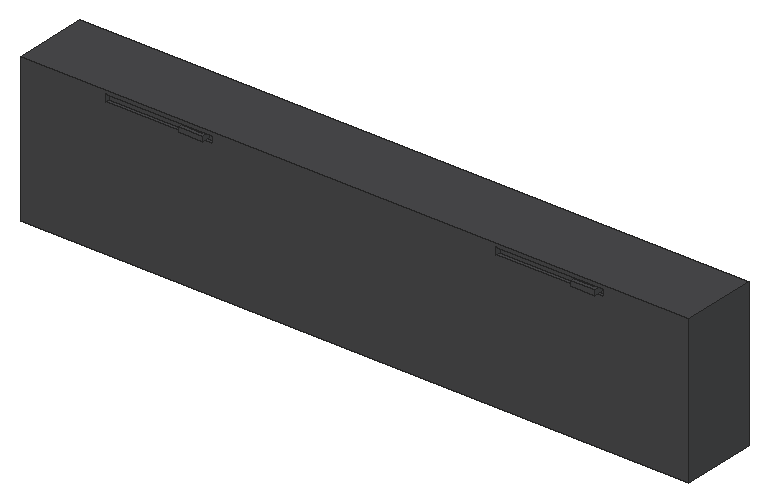
Revit family "DOT BLOCK CEILLING 328_DTSM15U3.1", category Luminarias, Revit 2019
Family settings
  Cota de conector redondo = Diámetro de uso
  Tipo de pieza = Normal
  Se basa en plano de trabajo = Sí
  Siempre vertical = Sí
  Corte con vacíos al cargar = No
  Origen de luz = Sí
  Compartido = No
  Punto de cálculo de habitación = No
Parameters (values of type "DOT BLOCK SURFACE 328_DM15U3.3.24")
  Ángulo de inclinación = 60.00°
  Zone [instance] = ""
  Watt per fixture = 15
  Wattage = 15 W
  built-in parameter 1150107 = 2700 (stored number, unit not read)
  built-in parameter 1150110 = 1 (stored number, unit not read)
  built-in parameter 1150109 = 1 (stored number, unit not read)
  built-in parameter 1150112 = 1 (stored number, unit not read)
  built-in parameter 1150113 = 1 (stored number, unit not read)
  built-in parameter 1114218 = 1 (stored number, unit not read)
  Keynote = ""
  built-in parameter 1150137 = (empty or 0)
  built-in parameter 1150132 = (empty or 0)
  Modelo = "DM15U3.3.24"
  Lámpara = "3030SMD PHILIPS"
  built-in parameter 1150105 = 95.493 (stored number, unit not read)
  built-in parameter 1150102 = (empty or 0)
  built-in parameter 1150106 = 0.95493 (stored number, unit not read)
  Lumens = 1200 lm
  Color Filter = 16777215
  built-in parameter 1114217 = 1 (stored number, unit not read)
  built-in parameter 1150139 = (empty or 0)
  Fabricante = "BRILLANT"
  Default Elevation = 1219.2 mm
  built-in parameter 1150104 = 7.4322 (stored number, unit not read)
  Descripción = "LUMINARIA DOWNLIGHT EN FORMATO RECTANGULAR PARA EMPOTRAR DIRECTO EN PLAFON, CUERPO DE ALUMINIO ACABADO EN COLOR NEGRO, IP 20, PESO 0.84Kg, TIPO DE LED 3030SMD PHILIPS CON 15W TOTAL, 1200 LUMENES, 80LM/W, IRC 90, TEMPERATURA EN BLANCO CALIDO 2700K, 50 MIL HORAS DE VIDA PROMEDIO, APERTURA DE 24 GRADOS POR STOCK, ALIMENTADO A 90-240V"
  built-in parameter 1150115 = 1 (stored number, unit not read)
  built-in parameter 1150114 = 1 (stored number, unit not read)
  Comentarios de vataje = "90-240V"
  built-in parameter 1150138 = (empty or 0)
  built-in parameter 1150134 = (empty or 0)
  Circuit [instance] = ""
  Dimming Lamp Color Temperature Shift = (empty or 0)
  Archivo de red fotométrica = "L328A-15W-827-B-24_IESNA95.IES"
  built-in parameter 1150133 = 10 (stored number, unit not read)
Reference planes
  plane 1 "Centro (Frontal/Posterior)": y = 0
  plane 2: z = 0
  plane 3 "Centro (Izquierda/Derecha)": x = 0
Forms (mm)
  Extrusion 1, solid, material "Default Form", not visible
    sketch origin (0, 0, 0) x (1, 0, 0) y (0, 0, 1)
      loop
        line (-473, 0) -> (-473, -72) -> (473, -72) -> (473, 0) -> (-473, 0)
    from -18.326 to 18.326
  Blend 2, void, not visible
    base sketch origin (-293.63, 0, 0) x (1, 0, 0) y (0, 1, 0)
      loop
        line (-162, 16.149) -> (-162, -16.149) -> (-144.14, -16.149) -> (-144.14, 16.149) -> (-162, 16.149)
    top sketch origin (-293.63, 0, 0) x (1, 0, 0) y (0, 1, 0)
      loop
        line (-160, 12.149) -> (-160, -12.149) -> (-146.14, -12.149) -> (-146.14, 12.149) -> (-160, 12.149)
    from -72 to -61.591
  Blend 3, void, not visible
    base sketch origin (-267.33, 0, 0) x (1, 0, 0) y (0, 1, 0)
      loop
        line (-162, 16.149) -> (-162, -16.149) -> (-144.14, -16.149) -> (-144.14, 16.149) -> (-162, 16.149)
    top sketch origin (-267.33, 0, 0) x (1, 0, 0) y (0, 1, 0)
      loop
        line (-160, 12.149) -> (-160, -12.149) -> (-146.14, -12.149) -> (-146.14, 12.149) -> (-160, 12.149)
    from -72 to -61.591
  Blend 4, void, not visible
    base sketch origin (-241.03, 0, 0) x (1, 0, 0) y (0, 1, 0)
      loop
        line (-162, 16.149) -> (-162, -16.149) -> (-144.14, -16.149) -> (-144.14, 16.149) -> (-162, 16.149)
    top sketch origin (-241.03, 0, 0) x (1, 0, 0) y (0, 1, 0)
      loop
        line (-160, 12.149) -> (-160, -12.149) -> (-146.14, -12.149) -> (-146.14, 12.149) -> (-160, 12.149)
    from -72 to -61.591
  Blend 5, void, not visible
    base sketch origin (-214.73, 0, 0) x (1, 0, 0) y (0, 1, 0)
      loop
        line (-162, 16.149) -> (-162, -16.149) -> (-144.14, -16.149) -> (-144.14, 16.149) -> (-162, 16.149)
    top sketch origin (-214.73, 0, 0) x (1, 0, 0) y (0, 1, 0)
      loop
        line (-160, 12.149) -> (-160, -12.149) -> (-146.14, -12.149) -> (-146.14, 12.149) -> (-160, 12.149)
    from -72 to -61.591
  Blend 6, void, not visible
    base sketch origin (-188.43, 0, 0) x (1, 0, 0) y (0, 1, 0)
      loop
        line (-162, 16.149) -> (-162, -16.149) -> (-144.14, -16.149) -> (-144.14, 16.149) -> (-162, 16.149)
    top sketch origin (-188.43, 0, 0) x (1, 0, 0) y (0, 1, 0)
      loop
        line (-160, 12.149) -> (-160, -12.149) -> (-146.14, -12.149) -> (-146.14, 12.149) -> (-160, 12.149)
    from -72 to -61.591
  Blend 7, void, not visible
    base sketch origin (-162.13, 0, 0) x (1, 0, 0) y (0, 1, 0)
      loop
        line (-162, 16.149) -> (-162, -16.149) -> (-144.14, -16.149) -> (-144.14, 16.149) -> (-162, 16.149)
    top sketch origin (-162.13, 0, 0) x (1, 0, 0) y (0, 1, 0)
      loop
        line (-160, 12.149) -> (-160, -12.149) -> (-146.14, -12.149) -> (-146.14, 12.149) -> (-160, 12.149)
    from -72 to -61.591
  Blend 8, void, not visible
    base sketch origin (-135.83, 0, 0) x (1, 0, 0) y (0, 1, 0)
      loop
        line (-162, 16.149) -> (-162, -16.149) -> (-144.14, -16.149) -> (-144.14, 16.149) -> (-162, 16.149)
    top sketch origin (-135.83, 0, 0) x (1, 0, 0) y (0, 1, 0)
      loop
        line (-160, 12.149) -> (-160, -12.149) -> (-146.14, -12.149) -> (-146.14, 12.149) -> (-160, 12.149)
    from -72 to -61.591
  Blend 9, void, not visible
    base sketch origin (-109.53, 0, 0) x (1, 0, 0) y (0, 1, 0)
      loop
        line (-162, 16.149) -> (-162, -16.149) -> (-144.14, -16.149) -> (-144.14, 16.149) -> (-162, 16.149)
    top sketch origin (-109.53, 0, 0) x (1, 0, 0) y (0, 1, 0)
      loop
        line (-160, 12.149) -> (-160, -12.149) -> (-146.14, -12.149) -> (-146.14, 12.149) -> (-160, 12.149)
    from -72 to -61.591
  Blend 10, void, not visible
    base sketch origin (-83.23, 0, 0) x (1, 0, 0) y (0, 1, 0)
      loop
        line (-162, 16.149) -> (-162, -16.149) -> (-144.14, -16.149) -> (-144.14, 16.149) -> (-162, 16.149)
    top sketch origin (-83.23, 0, 0) x (1, 0, 0) y (0, 1, 0)
      loop
        line (-160, 12.149) -> (-160, -12.149) -> (-146.14, -12.149) -> (-146.14, 12.149) -> (-160, 12.149)
    from -72 to -61.591
  Blend 11, void, not visible
    base sketch origin (-56.93, 0, 0) x (1, 0, 0) y (0, 1, 0)
      loop
        line (-162, 16.149) -> (-162, -16.149) -> (-144.14, -16.149) -> (-144.14, 16.149) -> (-162, 16.149)
    top sketch origin (-56.93, 0, 0) x (1, 0, 0) y (0, 1, 0)
      loop
        line (-160, 12.149) -> (-160, -12.149) -> (-146.14, -12.149) -> (-146.14, 12.149) -> (-160, 12.149)
    from -72 to -61.591
  Blend 12, void, not visible
    base sketch origin (-30.63, 0, 0) x (1, 0, 0) y (0, 1, 0)
      loop
        line (-162, 16.149) -> (-162, -16.149) -> (-144.14, -16.149) -> (-144.14, 16.149) -> (-162, 16.149)
    top sketch origin (-30.63, 0, 0) x (1, 0, 0) y (0, 1, 0)
      loop
        line (-160, 12.149) -> (-160, -12.149) -> (-146.14, -12.149) -> (-146.14, 12.149) -> (-160, 12.149)
    from -72 to -61.591
  Blend 13, void, not visible
    base sketch origin (-4.33, 0, 0) x (1, 0, 0) y (0, 1, 0)
      loop
        line (-162, 16.149) -> (-162, -16.149) -> (-144.14, -16.149) -> (-144.14, 16.149) -> (-162, 16.149)
    top sketch origin (-4.33, 0, 0) x (1, 0, 0) y (0, 1, 0)
      loop
        line (-160, 12.149) -> (-160, -12.149) -> (-146.14, -12.149) -> (-146.14, 12.149) -> (-160, 12.149)
    from -72 to -61.591
  Blend 14, void, not visible
    base sketch origin (21.97, 0, 0) x (1, 0, 0) y (0, 1, 0)
      loop
        line (-162, 16.149) -> (-162, -16.149) -> (-144.14, -16.149) -> (-144.14, 16.149) -> (-162, 16.149)
    top sketch origin (21.97, 0, 0) x (1, 0, 0) y (0, 1, 0)
      loop
        line (-160, 12.149) -> (-160, -12.149) -> (-146.14, -12.149) -> (-146.14, 12.149) -> (-160, 12.149)
    from -72 to -61.591
  Blend 15, void, not visible
    base sketch origin (48.27, 0, 0) x (1, 0, 0) y (0, 1, 0)
      loop
        line (-162, 16.149) -> (-162, -16.149) -> (-144.14, -16.149) -> (-144.14, 16.149) -> (-162, 16.149)
    top sketch origin (48.27, 0, 0) x (1, 0, 0) y (0, 1, 0)
      loop
        line (-160, 12.149) -> (-160, -12.149) -> (-146.14, -12.149) -> (-146.14, 12.149) -> (-160, 12.149)
    from -72 to -61.591
  Blend 16, void, not visible
    base sketch origin (74.57, 0, 0) x (1, 0, 0) y (0, 1, 0)
      loop
        line (-162, 16.149) -> (-162, -16.149) -> (-144.14, -16.149) -> (-144.14, 16.149) -> (-162, 16.149)
    top sketch origin (74.57, 0, 0) x (1, 0, 0) y (0, 1, 0)
      loop
        line (-160, 12.149) -> (-160, -12.149) -> (-146.14, -12.149) -> (-146.14, 12.149) -> (-160, 12.149)
    from -72 to -61.591
  Blend 17, void, not visible
    base sketch origin (100.87, 0, 0) x (1, 0, 0) y (0, 1, 0)
      loop
        line (-162, 16.149) -> (-162, -16.149) -> (-144.14, -16.149) -> (-144.14, 16.149) -> (-162, 16.149)
    top sketch origin (100.87, 0, 0) x (1, 0, 0) y (0, 1, 0)
      loop
        line (-160, 12.149) -> (-160, -12.149) -> (-146.14, -12.149) -> (-146.14, 12.149) -> (-160, 12.149)
    from -72 to -61.591
  Blend 18, void, not visible
    base sketch origin (127.17, 0, 0) x (1, 0, 0) y (0, 1, 0)
      loop
        line (-162, 16.149) -> (-162, -16.149) -> (-144.14, -16.149) -> (-144.14, 16.149) -> (-162, 16.149)
    top sketch origin (127.17, 0, 0) x (1, 0, 0) y (0, 1, 0)
      loop
        line (-160, 12.149) -> (-160, -12.149) -> (-146.14, -12.149) -> (-146.14, 12.149) -> (-160, 12.149)
    from -72 to -61.591
  Blend 19, void, not visible
    base sketch origin (153.47, 0, 0) x (1, 0, 0) y (0, 1, 0)
      loop
        line (-162, 16.149) -> (-162, -16.149) -> (-144.14, -16.149) -> (-144.14, 16.149) -> (-162, 16.149)
    top sketch origin (153.47, 0, 0) x (1, 0, 0) y (0, 1, 0)
      loop
        line (-160, 12.149) -> (-160, -12.149) -> (-146.14, -12.149) -> (-146.14, 12.149) -> (-160, 12.149)
    from -72 to -61.591
  Blend 20, void, not visible
    base sketch origin (179.77, 0, 0) x (1, 0, 0) y (0, 1, 0)
      loop
        line (-162, 16.149) -> (-162, -16.149) -> (-144.14, -16.149) -> (-144.14, 16.149) -> (-162, 16.149)
    top sketch origin (179.77, 0, 0) x (1, 0, 0) y (0, 1, 0)
      loop
        line (-160, 12.149) -> (-160, -12.149) -> (-146.14, -12.149) -> (-146.14, 12.149) -> (-160, 12.149)
    from -72 to -61.591
  Blend 21, void, not visible
    base sketch origin (206.07, 0, 0) x (1, 0, 0) y (0, 1, 0)
      loop
        line (-162, 16.149) -> (-162, -16.149) -> (-144.14, -16.149) -> (-144.14, 16.149) -> (-162, 16.149)
    top sketch origin (206.07, 0, 0) x (1, 0, 0) y (0, 1, 0)
      loop
        line (-160, 12.149) -> (-160, -12.149) -> (-146.14, -12.149) -> (-146.14, 12.149) -> (-160, 12.149)
    from -72 to -61.591
  Blend 22, void, not visible
    base sketch origin (232.37, 0, 0) x (1, 0, 0) y (0, 1, 0)
      loop
        line (-162, 16.149) -> (-162, -16.149) -> (-144.14, -16.149) -> (-144.14, 16.149) -> (-162, 16.149)
    top sketch origin (232.37, 0, 0) x (1, 0, 0) y (0, 1, 0)
      loop
        line (-160, 12.149) -> (-160, -12.149) -> (-146.14, -12.149) -> (-146.14, 12.149) -> (-160, 12.149)
    from -72 to -61.591
  Blend 23, void, not visible
    base sketch origin (258.67, 0, 0) x (1, 0, 0) y (0, 1, 0)
      loop
        line (-162, 16.149) -> (-162, -16.149) -> (-144.14, -16.149) -> (-144.14, 16.149) -> (-162, 16.149)
    top sketch origin (258.67, 0, 0) x (1, 0, 0) y (0, 1, 0)
      loop
        line (-160, 12.149) -> (-160, -12.149) -> (-146.14, -12.149) -> (-146.14, 12.149) -> (-160, 12.149)
    from -72 to -61.591
  Blend 24, void, not visible
    base sketch origin (284.97, 0, 0) x (1, 0, 0) y (0, 1, 0)
      loop
        line (-162, 16.149) -> (-162, -16.149) -> (-144.14, -16.149) -> (-144.14, 16.149) -> (-162, 16.149)
    top sketch origin (284.97, 0, 0) x (1, 0, 0) y (0, 1, 0)
      loop
        line (-160, 12.149) -> (-160, -12.149) -> (-146.14, -12.149) -> (-146.14, 12.149) -> (-160, 12.149)
    from -72 to -61.591
  Blend 25, void, not visible
    base sketch origin (311.27, 0, 0) x (1, 0, 0) y (0, 1, 0)
      loop
        line (-162, 16.149) -> (-162, -16.149) -> (-144.14, -16.149) -> (-144.14, 16.149) -> (-162, 16.149)
    top sketch origin (311.27, 0, 0) x (1, 0, 0) y (0, 1, 0)
      loop
        line (-160, 12.149) -> (-160, -12.149) -> (-146.14, -12.149) -> (-146.14, 12.149) -> (-160, 12.149)
    from -72 to -61.591
  Blend 26, void, not visible
    base sketch origin (337.57, 0, 0) x (1, 0, 0) y (0, 1, 0)
      loop
        line (-162, 16.149) -> (-162, -16.149) -> (-144.14, -16.149) -> (-144.14, 16.149) -> (-162, 16.149)
    top sketch origin (337.57, 0, 0) x (1, 0, 0) y (0, 1, 0)
      loop
        line (-160, 12.149) -> (-160, -12.149) -> (-146.14, -12.149) -> (-146.14, 12.149) -> (-160, 12.149)
    from -72 to -61.591
  Blend 27, void, not visible
    base sketch origin (363.87, 0, 0) x (1, 0, 0) y (0, 1, 0)
      loop
        line (-162, 16.149) -> (-162, -16.149) -> (-144.14, -16.149) -> (-144.14, 16.149) -> (-162, 16.149)
    top sketch origin (363.87, 0, 0) x (1, 0, 0) y (0, 1, 0)
      loop
        line (-160, 12.149) -> (-160, -12.149) -> (-146.14, -12.149) -> (-146.14, 12.149) -> (-160, 12.149)
    from -72 to -61.591
  Blend 28, void, not visible
    base sketch origin (390.17, 0, 0) x (1, 0, 0) y (0, 1, 0)
      loop
        line (-162, 16.149) -> (-162, -16.149) -> (-144.14, -16.149) -> (-144.14, 16.149) -> (-162, 16.149)
    top sketch origin (390.17, 0, 0) x (1, 0, 0) y (0, 1, 0)
      loop
        line (-160, 12.149) -> (-160, -12.149) -> (-146.14, -12.149) -> (-146.14, 12.149) -> (-160, 12.149)
    from -72 to -61.591
  Blend 29, void, not visible
    base sketch origin (416.47, 0, 0) x (1, 0, 0) y (0, 1, 0)
      loop
        line (-162, 16.149) -> (-162, -16.149) -> (-144.14, -16.149) -> (-144.14, 16.149) -> (-162, 16.149)
    top sketch origin (416.47, 0, 0) x (1, 0, 0) y (0, 1, 0)
      loop
        line (-160, 12.149) -> (-160, -12.149) -> (-146.14, -12.149) -> (-146.14, 12.149) -> (-160, 12.149)
    from -72 to -61.591
  Blend 30, void, not visible
    base sketch origin (442.77, 0, 0) x (1, 0, 0) y (0, 1, 0)
      loop
        line (-162, 16.149) -> (-162, -16.149) -> (-144.14, -16.149) -> (-144.14, 16.149) -> (-162, 16.149)
    top sketch origin (442.77, 0, 0) x (1, 0, 0) y (0, 1, 0)
      loop
        line (-160, 12.149) -> (-160, -12.149) -> (-146.14, -12.149) -> (-146.14, 12.149) -> (-160, 12.149)
    from -72 to -61.591
  Blend 31, void, not visible
    base sketch origin (469.07, 0, 0) x (1, 0, 0) y (0, 1, 0)
      loop
        line (-162, 16.149) -> (-162, -16.149) -> (-144.14, -16.149) -> (-144.14, 16.149) -> (-162, 16.149)
    top sketch origin (469.07, 0, 0) x (1, 0, 0) y (0, 1, 0)
      loop
        line (-160, 12.149) -> (-160, -12.149) -> (-146.14, -12.149) -> (-146.14, 12.149) -> (-160, 12.149)
    from -72 to -61.591
  Blend 32, void, not visible
    base sketch origin (495.37, 0, 0) x (1, 0, 0) y (0, 1, 0)
      loop
        line (-162, 16.149) -> (-162, -16.149) -> (-144.14, -16.149) -> (-144.14, 16.149) -> (-162, 16.149)
    top sketch origin (495.37, 0, 0) x (1, 0, 0) y (0, 1, 0)
      loop
        line (-160, 12.149) -> (-160, -12.149) -> (-146.14, -12.149) -> (-146.14, 12.149) -> (-160, 12.149)
    from -72 to -61.591
  Blend 33, void, not visible
    base sketch origin (521.67, 0, 0) x (1, 0, 0) y (0, 1, 0)
      loop
        line (-162, 16.149) -> (-162, -16.149) -> (-144.14, -16.149) -> (-144.14, 16.149) -> (-162, 16.149)
    top sketch origin (521.67, 0, 0) x (1, 0, 0) y (0, 1, 0)
      loop
        line (-160, 12.149) -> (-160, -12.149) -> (-146.14, -12.149) -> (-146.14, 12.149) -> (-160, 12.149)
    from -72 to -61.591
  Blend 34, void, not visible
    base sketch origin (547.97, 0, 0) x (1, 0, 0) y (0, 1, 0)
      loop
        line (-162, 16.149) -> (-162, -16.149) -> (-144.14, -16.149) -> (-144.14, 16.149) -> (-162, 16.149)
    top sketch origin (547.97, 0, 0) x (1, 0, 0) y (0, 1, 0)
      loop
        line (-160, 12.149) -> (-160, -12.149) -> (-146.14, -12.149) -> (-146.14, 12.149) -> (-160, 12.149)
    from -72 to -61.591
  Blend 35, void, not visible
    base sketch origin (574.27, 0, 0) x (1, 0, 0) y (0, 1, 0)
      loop
        line (-162, 16.149) -> (-162, -16.149) -> (-144.14, -16.149) -> (-144.14, 16.149) -> (-162, 16.149)
    top sketch origin (574.27, 0, 0) x (1, 0, 0) y (0, 1, 0)
      loop
        line (-160, 12.149) -> (-160, -12.149) -> (-146.14, -12.149) -> (-146.14, 12.149) -> (-160, 12.149)
    from -72 to -61.591
  Blend 36, void, not visible
    base sketch origin (600.57, 0, 0) x (1, 0, 0) y (0, 1, 0)
      loop
        line (-162, 16.149) -> (-162, -16.149) -> (-144.14, -16.149) -> (-144.14, 16.149) -> (-162, 16.149)
    top sketch origin (600.57, 0, 0) x (1, 0, 0) y (0, 1, 0)
      loop
        line (-160, 12.149) -> (-160, -12.149) -> (-146.14, -12.149) -> (-146.14, 12.149) -> (-160, 12.149)
    from -72 to -61.591
  Extrusion 37, solid, not visible
    sketch origin (-463.861, 0, 3.217) x (0, -1, 0) y (0, 0, -1)
      loop
        line (18.326, 3.217) -> (-18.326, 3.217) -> (-18.326, 73.917) -> (-32.183, 73.917) -> (-32.183, 72.617) -> (-19.626, 72.617) -> (-19.626, 1.917) -> (19.626, 1.917) -> (19.626, 72.617) -> (32.183, 72.617) -> (32.183, 73.917) -> (18.326, 73.917) -> (18.326, 3.217)
    from 89.098 to 128.24
  Extrusion 38, solid, not visible
    sketch origin (-246.523, 0, 3.217) x (0, -1, 0) y (0, 0, 1)
      loop
        line (-19.626, -1.917) -> (19.626, -1.917) -> (19.626, -63.89) -> (20.426, -63.89) -> (20.426, -1.117) -> (-20.426, -1.117) -> (-20.426, -63.89) -> (-19.626, -63.89) -> (-19.626, -1.917)
    from 122.954 to 124.098
  Extrusion 39, solid, not visible
    sketch origin (-463.861, 0, 3.217) x (0, -1, 0) y (0, 0, -1)
      loop
        line (-19.626, 1.917) -> (-19.626, 63.89) -> (-20.426, 63.89) -> (-20.426, 1.117) -> (20.426, 1.117) -> (20.426, 63.89) -> (19.626, 63.89) -> (19.626, 1.917) -> (-19.626, 1.917)
    from 122.954 to 124.098
  Extrusion 40, void, not visible
    sketch origin (0, 0, 0) x (1, 0, 0) y (0, 1, 0)
      loop
        circle (-363.799, -25.904) r 2.055
      loop
        circle (-346.585, -25.904) r 2.055
      loop
        circle (-363.799, 25.904) r 2.055
      loop
        circle (-346.585, 25.904) r 2.055
    from -70.7 to -69.4
  Blend 41, void
    base sketch origin (74.57, 130.851, 72) x (1, 0, 0) y (0, 1, 0)
      loop
        line (-162, -147) -> (-144.14, -147) -> (-144.14, -114.702) -> (-162, -114.702) -> (-162, -147)
    top sketch origin (74.57, 130.851, 72) x (1, 0, 0) y (0, 1, 0)
      loop
        line (-160, -143) -> (-146.14, -143) -> (-146.14, -118.702) -> (-160, -118.702) -> (-160, -143)
    from -72 to -61.591
  Blend 42, void
    base sketch origin (100.87, 130.851, 72) x (1, 0, 0) y (0, 1, 0)
      loop
        line (-162, -147) -> (-144.14, -147) -> (-144.14, -114.702) -> (-162, -114.702) -> (-162, -147)
    top sketch origin (100.87, 130.851, 72) x (1, 0, 0) y (0, 1, 0)
      loop
        line (-160, -143) -> (-146.14, -143) -> (-146.14, -118.702) -> (-160, -118.702) -> (-160, -143)
    from -72 to -61.591
  Blend 43, void
    base sketch origin (127.17, 130.851, 72) x (1, 0, 0) y (0, 1, 0)
      loop
        line (-162, -147) -> (-144.14, -147) -> (-144.14, -114.702) -> (-162, -114.702) -> (-162, -147)
    top sketch origin (127.17, 130.851, 72) x (1, 0, 0) y (0, 1, 0)
      loop
        line (-160, -143) -> (-146.14, -143) -> (-146.14, -118.702) -> (-160, -118.702) -> (-160, -143)
    from -72 to -61.591
  Blend 44, void
    base sketch origin (153.47, 130.851, 72) x (1, 0, 0) y (0, 1, 0)
      loop
        line (-162, -147) -> (-144.14, -147) -> (-144.14, -114.702) -> (-162, -114.702) -> (-162, -147)
    top sketch origin (153.47, 130.851, 72) x (1, 0, 0) y (0, 1, 0)
      loop
        line (-160, -143) -> (-146.14, -143) -> (-146.14, -118.702) -> (-160, -118.702) -> (-160, -143)
    from -72 to -61.591
  Blend 45, void
    base sketch origin (179.77, 130.851, 72) x (1, 0, 0) y (0, 1, 0)
      loop
        line (-162, -147) -> (-144.14, -147) -> (-144.14, -114.702) -> (-162, -114.702) -> (-162, -147)
    top sketch origin (179.77, 130.851, 72) x (1, 0, 0) y (0, 1, 0)
      loop
        line (-160, -143) -> (-146.14, -143) -> (-146.14, -118.702) -> (-160, -118.702) -> (-160, -143)
    from -72 to -61.591
  Blend 46, void
    base sketch origin (206.07, 130.851, 72) x (1, 0, 0) y (0, 1, 0)
      loop
        line (-162, -147) -> (-144.14, -147) -> (-144.14, -114.702) -> (-162, -114.702) -> (-162, -147)
    top sketch origin (206.07, 130.851, 72) x (1, 0, 0) y (0, 1, 0)
      loop
        line (-160, -143) -> (-146.14, -143) -> (-146.14, -118.702) -> (-160, -118.702) -> (-160, -143)
    from -72 to -61.591
  Blend 47, void
    base sketch origin (232.37, 130.851, 72) x (1, 0, 0) y (0, 1, 0)
      loop
        line (-162, -147) -> (-144.14, -147) -> (-144.14, -114.702) -> (-162, -114.702) -> (-162, -147)
    top sketch origin (232.37, 130.851, 72) x (1, 0, 0) y (0, 1, 0)
      loop
        line (-160, -143) -> (-146.14, -143) -> (-146.14, -118.702) -> (-160, -118.702) -> (-160, -143)
    from -72 to -61.591
  Extrusion 48, solid, material "Default Form"
    sketch origin (0, 0, 72) x (1, 0, 0) y (0, 0, -1)
      loop
        line (-164, 0) -> (164, 0) -> (164, 72) -> (-164, 72) -> (-164, 0)
    from -18.326 to 18.326
  Blend 49, void
    base sketch origin (258.67, 130.851, 72) x (1, 0, 0) y (0, 1, 0)
      loop
        line (-162, -147) -> (-144.14, -147) -> (-144.14, -114.702) -> (-162, -114.702) -> (-162, -147)
    top sketch origin (258.67, 130.851, 72) x (1, 0, 0) y (0, 1, 0)
      loop
        line (-160, -143) -> (-146.14, -143) -> (-146.14, -118.702) -> (-160, -118.702) -> (-160, -143)
    from -72 to -61.591
  Blend 50, void
    base sketch origin (284.97, 130.851, 72) x (1, 0, 0) y (0, 1, 0)
      loop
        line (-162, -147) -> (-144.14, -147) -> (-144.14, -114.702) -> (-162, -114.702) -> (-162, -147)
    top sketch origin (284.97, 130.851, 72) x (1, 0, 0) y (0, 1, 0)
      loop
        line (-160, -143) -> (-146.14, -143) -> (-146.14, -118.702) -> (-160, -118.702) -> (-160, -143)
    from -72 to -61.591
  Blend 51, void
    base sketch origin (21.97, 130.851, 72) x (1, 0, 0) y (0, 1, 0)
      loop
        line (-162, -147) -> (-144.14, -147) -> (-144.14, -114.702) -> (-162, -114.702) -> (-162, -147)
    top sketch origin (21.97, 130.851, 72) x (1, 0, 0) y (0, 1, 0)
      loop
        line (-160, -143) -> (-146.14, -143) -> (-146.14, -118.702) -> (-160, -118.702) -> (-160, -143)
    from -72 to -61.591
  Blend 52, void
    base sketch origin (48.27, 130.851, 72) x (1, 0, 0) y (0, 1, 0)
      loop
        line (-162, -147) -> (-144.14, -147) -> (-144.14, -114.702) -> (-162, -114.702) -> (-162, -147)
    top sketch origin (48.27, 130.851, 72) x (1, 0, 0) y (0, 1, 0)
      loop
        line (-160, -143) -> (-146.14, -143) -> (-146.14, -118.702) -> (-160, -118.702) -> (-160, -143)
    from -72 to -61.591
  Extrusion 53, void
    sketch origin (0, 0, 0) x (1, 0, 0) y (0, 1, 0)
      loop
        line (-122.17, -18.326) -> (-69.57, -18.326) -> (-69.57, -16.149) -> (-122.17, -16.149) -> (-122.17, -18.326)
      loop
        line (122.17, -18.326) -> (122.17, -16.149) -> (69.57, -16.149) -> (69.57, -18.326) -> (122.17, -18.326)
      loop
        line (-122.17, 18.326) -> (-122.17, 16.149) -> (-69.57, 16.149) -> (-69.57, 18.326) -> (-122.17, 18.326)
      loop
        line (122.17, 18.326) -> (69.57, 18.326) -> (69.57, 16.149) -> (122.17, 16.149) -> (122.17, 18.326)
    from 66.852 to 70.535
  Extrusion 54, solid, material "Default Form"
    sketch origin (0, 0, 0) x (1, 0, 0) y (0, 1, 0)
      loop
        line (-73.041, -16.149) -> (-74.374, -16.149) -> (-74.374, -18.326) -> (-84.875, -18.326) -> (-84.875, -20.238) -> (-73.041, -20.238) -> (-73.041, -16.149)
      loop
        line (119.435, -16.149) -> (118.101, -16.149) -> (118.101, -18.326) -> (107.601, -18.326) -> (107.601, -20.238) -> (119.435, -20.238) -> (119.435, -16.149)
      loop
        line (-73.041, 16.149) -> (-73.041, 20.238) -> (-84.875, 20.238) -> (-84.875, 18.326) -> (-74.374, 18.326) -> (-74.374, 16.149) -> (-73.041, 16.149)
      loop
        line (119.435, 16.149) -> (119.435, 20.238) -> (107.601, 20.238) -> (107.601, 18.326) -> (118.101, 18.326) -> (118.101, 16.149) -> (119.435, 16.149)
    from 67.466 to 69.773
Cuts and joins
  Blend 41, Blend 42, Blend 43, Blend 44, Blend 45, Blend 46, Blend 47, Blend 49, Blend 50, Blend 51, Blend 52, Extrusion 53 cuts Extrusion 48
Dimensions and locks
  cut or joined group 1 (Blend 41, Blend 42, Blend 43, Blend 44, Blend 45, Blend 46, Blend 47, Extrusion 48, Blend 49, Blend 50, Blend 51, Blend 52, Extrusion 53) to cut or joined group 1 = 72 mm  (x2)
  cut or joined group 1 to cut or joined group 1 = 36.651 mm
  cut or joined group 1 to cut or joined group 1 = 328 mm
  aligned and locked: level to plane 2
Connectors
  electrical at (0, 0, 72)
    settings: on cut or joined group 1, index 1, voltage 0 V, apparent load 0 VA, apparent load phase1 0 VA, apparent load phase2 0 VA, apparent load phase3 0 VA, power factor 1, load classification "Otro", number of poles 1, system type 31, power factor state 1, is connector primary yes, connector utility no, sub classification motor no, connector description ""
